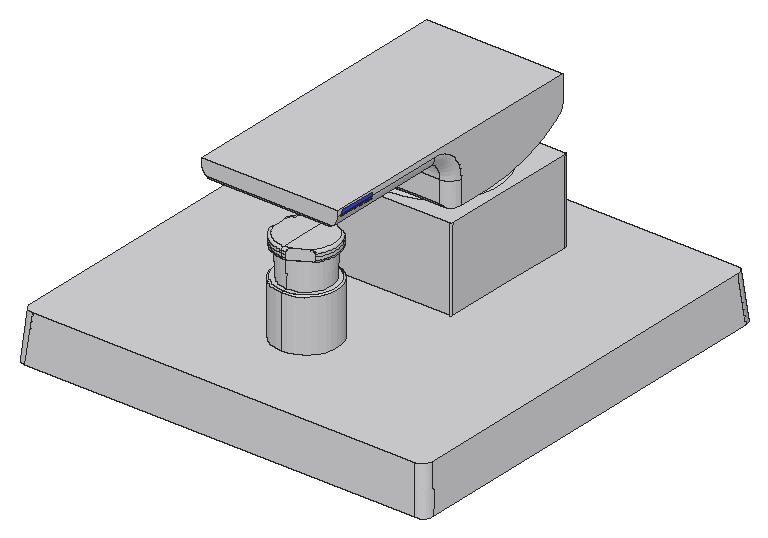
Revit family "Shower-Valve_Trim-KOHLER-STRAYT-K-37335A", category Specialty Equipment, host Face, Revit 2017
Family settings
  Host = Face
  Round Connector Dimension = Use Diameter
  Part Type = Normal
  OmniClass Number = 23.31.25.00
  Cut with Voids When Loaded = No
  Shared = No
  Room Calculation Point = No
Parameters (values of type "CP- Polished Chrome")
  Width = 6 97/256"  # constant formula
  WaterSense Certified = 1 = 0  # no
  URL = "https://www.kohlerasiapacific.com/"
  Type = 1
  Product Page URL = ""
  Product Name = "Strayt"  # constant formula
  Product Documentation Link = ""
  Model = if(Type = 1, "K-37335A-4-CP", "NA")  # "K-37335A-4-CP"
  Material = " Metal Construction"  # constant formula
  Master Format 2014 Name = "Toilet, Bath, and Laundry Accessories"  # constant formula
  Master Format 2014 = "10 28 00"  # constant formula
  Manufacturer Address = "No. 158 Jiang Chang San Road, Zhabei District, Shanghai, China\r\n"  # constant formula
  Manufacturer = "KOHLER Co."  # constant formula
  Length = 3 21/128"  # constant formula
  Height = 6 97/256"  # constant formula
  Finish = Kohler-Metal-CP-Polished_Chrome
  Environmental Product Declaration = ""
  Description = "Recessed Bath Shower Trim"  # constant formula
  Default Elevation = 42"
  Declare Label = ""
  Date Modified = "8/20/2020"  # constant formula
  Date Created = "8/20/2020"  # constant formula
  Copyright = "Copyright KOHLER Co."  # constant formula
  Contact Us = "https://www.kohlerasiapacific.com/contact-us"
  Assembly Code = "C1030200"
  ADA Compliant = 1 = 0  # no
Reference planes (in)
  plane 1 "Center (Front/Back)": y = 0
  plane 2: z = 0
  plane 3 "Center (Left/Right)": x = 0
  plane 4: x = -3.18945
  plane 5: y = 3.18945
  plane 6: y = -3.18945
  plane 7: x = 3.18945
  plane 8: x = -1.05906
  plane 9: x = 1.05906
  plane 10: z = 3.16406
  plane 11: y = -1.51575
  plane 12: z = 2.16128
  plane 13: y = 1.04331
  plane 14: y = 2.14567
  plane 15: y = -2.22441
Dimensions and locks (in)
  "Height": plane 6 to plane 5
  equal spacing: plane 4, plane 3 "Center (Left/Right)", plane 7
  "Width": plane 4 to plane 7
  equal spacing: plane 6, plane 1 "Center (Front/Back)", plane 5
  locked: plane 13 to plane 11 at 2.55906
  locked: plane 13 to plane 15 at 3.26772
  locked: plane 14 to plane 15 at 4.37008
  "Length": level to plane 10
  aligned and locked: plane 2 to host face
  aligned and locked: level to host face
  aligned and locked: plane 3 "Center (Left/Right)" to nested 1
  aligned and locked: plane 1 "Center (Front/Back)" to nested 1
  aligned and locked: plane 4 to nested 1
  aligned and locked: plane 5 to nested 1
  aligned and locked: plane 6 to nested 1
  aligned and locked: plane 7 to nested 1
  aligned and locked: plane 8 to nested 1
  aligned and locked: plane 9 to nested 1
  aligned and locked: plane 10 to nested 1
  aligned and locked: plane 11 to nested 1
  aligned and locked: plane 12 to nested 1
  aligned and locked: plane 13 to nested 1
  aligned and locked: plane 14 to nested 1
  aligned and locked: plane 15 to nested 1
Automatic sketch dimensions
  host sketch curve to host sketch curve = 96"  (x2)
Nested families (in)
  nested 1: "K-37335A" at (-0.00048, 0.00048, -0.00088), type "K-37335A"
Definition of nested family "K-37335A"
  Parameters (values of type "K-37335A")
    Material = none
  Reference planes (in)
    plane 1 "Center (Front/Back)": y = 0
    plane 2: z = 0
    plane 3 "Center (Left/Right)": x = 0
    plane 4: x = -3.18898
    plane 5: y = 3.18898
    plane 6: y = -3.18898
    plane 7: x = 3.18898
    plane 8: y = -1.51575
    plane 9: y = 1.04331
    plane 10: y = -2.22441
    plane 11: y = 2.14567
    plane 12: z = 3.16495
    plane 13: x = -1.05906
    plane 14: x = 1.05906
    plane 15: z = 2.16128
  Forms (in)
    SweptBlend 1, solid, material <- "Material", detail levels medium+fine
      path origin (0, 0, 0) x (0, 1, 0) y (0, 0, 1)
        loop
          line (0, 0) -> (0, 0.75718)
      profile origin (0, 0, 0) x (0, -1, 0) y (1, 0, 0)
        loop
          arc (-3.18898, -3.0315) -> (-3.14285, -3.14285) -> (-3.0315, -3.18898) r 0.15748
          line (-3.0315, -3.18898) -> (3.0315, -3.18898)
          arc (3.0315, -3.18898) -> (3.14285, -3.14285) -> (3.18898, -3.0315) r 0.15748
          line (3.18898, -3.0315) -> (3.18898, 3.0315)
          arc (3.18898, 3.0315) -> (3.14285, 3.14285) -> (3.0315, 3.18898) r 0.15748
          line (3.0315, 3.18898) -> (-3.0315, 3.18898)
          arc (-3.0315, 3.18898) -> (-3.14285, 3.14285) -> (-3.18898, 3.0315) r 0.15748
          line (-3.18898, 3.0315) -> (-3.18898, -3.0315)
      end profile origin (0, 0, 0.75718) x (0, -1, 0) y (1, 0, 0)
        loop
          arc (-2.96559, 3.12099) -> (-3.07551, 3.07545) -> (-3.12105, 2.96553) r 0.15546
          line (-3.12105, 2.96553) -> (-3.12105, -2.96553)
          arc (-3.12105, -2.96553) -> (-3.07551, -3.07545) -> (-2.96559, -3.12099) r 0.15546
          line (-2.96559, -3.12099) -> (2.96559, -3.12099)
          arc (2.96559, -3.12099) -> (3.07551, -3.07545) -> (3.12105, -2.96553) r 0.15546
          line (3.12105, -2.96553) -> (3.12105, 2.96553)
          arc (3.12105, 2.96553) -> (3.07551, 3.07545) -> (2.96559, 3.12099) r 0.15546
          line (2.96559, 3.12099) -> (-2.96559, 3.12099)
    Extrusion 2, void
      sketch origin (0, 0, 0) x (0, 1, 0) y (0, 0, 1)
        loop
          arc (-3.91679, 0.68762) -> (0.21715, 0.74559) -> (4.35093, 0.67716) r 135.22726
          line (4.35093, 0.67716) -> (4.35093, 0.82296) -> (-3.91679, 0.82296) -> (-3.91679, 0.68762)
      from -3.30071 to 3.39973
    Extrusion 3, solid, material <- "Material", detail levels medium+fine
      sketch origin (0, 0, 0) x (1, 0, 0) y (0, 1, 0)
        loop
          arc (-1.06168, 2.17717) -> (-1.08209, 2.16871) -> (-1.09055, 2.14829) r 0.02888
          line (-1.09055, 2.14829) -> (-1.09055, -0.03018)
          arc (-1.09055, -0.03018) -> (-1.08209, -0.0506) -> (-1.06167, -0.05906) r 0.02888
          line (-1.06167, -0.05906) -> (1.05905, -0.05906)
          arc (1.05905, -0.05906) -> (1.08133, -0.04983) -> (1.09055, -0.02756) r 0.0315
          line (1.09055, -0.02756) -> (1.09055, 2.14843)
          arc (1.09055, 2.14843) -> (1.08213, 2.16875) -> (1.06181, 2.17717) r 0.02874
          line (1.06181, 2.17717) -> (-1.06168, 2.17717)
      from 0.55521 to 2.02756
    Revolve 4, solid, material <- "Material", detail levels medium+fine
      sketch origin (0, 0, 0) x (0, 1, 0) y (0, 0, 1)
        loop
          arc (1.85007, 2.12511) -> (1.80047, 2.39341) -> (1.66314, 2.62918) r 0.79569
          line (1.66314, 2.62918) -> (1.04331, 2.62918) -> (1.04331, 1.97471) -> (1.98819, 1.97471) -> (1.98819, 2.02756) -> (1.90936, 2.04868)
          arc (1.90936, 2.04868) -> (1.86685, 2.07692) -> (1.85007, 2.12511) r 0.08
        axis (1.04331, 2.62918) -> (1.04331, 1.97471)
      angle from 0 to 360
    Extrusion 5, solid, material <- "Material", detail levels medium+fine
      sketch origin (0, 0, 0) x (0, 1, 0) y (0, 0, 1)
        loop
          line (2.14235, 2.78444) -> (2.14597, 3.19947) -> (-2.19108, 3.19947)
          arc (-2.19108, 3.19947) -> (-2.21465, 3.18971) -> (-2.22441, 3.16615) r 0.03332
          line (-2.22441, 3.16615) -> (-2.22441, 2.91262)
          arc (-2.22441, 2.91262) -> (-2.21656, 2.89367) -> (-2.19761, 2.88583) r 0.02679
          line (-2.19761, 2.88583) -> (-0.35126, 2.88583)
          arc (-0.35126, 2.88583) -> (-0.11039, 2.78667) -> (-0.00913, 2.54667) r 0.34214
          line (-0.00913, 2.54667) -> (-0.00614, 2.20402)
          arc (-0.00614, 2.20402) -> (0.00201, 2.18471) -> (0.02139, 2.17673) r 0.02753
          line (0.02139, 2.17673) -> (0.72516, 2.17673)
          arc (0.72516, 2.17673) -> (1.09425, 2.20574) -> (1.45428, 2.29205) r 2.36261
          arc (1.45428, 2.29205) -> (1.74849, 2.41004) -> (2.02408, 2.56666) r 2.34336
          arc (2.02408, 2.56666) -> (2.11037, 2.6608) -> (2.14235, 2.78444) r 0.26388
      from -1.05906 to 1.05906
    Sweep 6, void
      path in 3D
        loop
          line (-1.05906, -0.00525, 2.10197) -> (-1.05906, -0.00913, 2.54667)
          arc (-1.05906, -0.00913, 2.54667) -> (-1.05906, -0.11039, 2.78667) -> (-1.05906, -0.35126, 2.88583) r 0.34214
          line (-1.05906, -0.35126, 2.88583) -> (-1.05906, -2.27555, 2.88583)
      profile origin (-1.05906, -1.31341, 2.88583) x (-1, 0, 0) y (0, 0, -1)
        loop
          line (0, -0.18504) -> (0, 0) -> (-0.18504, 0)
          arc (-0.18504, 0) -> (-0.0542, -0.0542) -> (0, -0.18504) r 0.18504
    Sweep 7, void
      path in 3D
        loop
          line (1.05906, -0.00531, 2.10882) -> (1.05906, -0.00913, 2.54667)
          arc (1.05906, -0.00913, 2.54667) -> (1.05906, -0.11039, 2.78667) -> (1.05906, -0.35126, 2.88583) r 0.34214
          line (1.05906, -0.35126, 2.88583) -> (1.05906, -2.27555, 2.88583)
      profile origin (1.05906, -1.31341, 2.88583) x (-1, 0, 0) y (0, 0, -1)
        loop
          arc (0, -0.18504) -> (0.0542, -0.0542) -> (0.18504, 0) r 0.18504
          line (0.18504, 0) -> (0, 0) -> (0, -0.18504)
    Revolve 8, solid, material <- "Material", detail levels medium+fine
      sketch origin (0, 0, 0) x (0, 1, 0) y (0, 0, 1)
        loop
          line (-1.1311, 1.55512) -> (-1.12246, 1.98738)
          arc (-1.12246, 1.98738) -> (-1.11619, 2.0019) -> (-1.10155, 2.00787) r 0.02091
          line (-1.10155, 2.00787) -> (-1.06549, 2.00787)
          arc (-1.06549, 2.00787) -> (-1.05151, 2.01352) -> (-1.04538, 2.0273) r 0.02013
          line (-1.04538, 2.0273) -> (-1.04331, 2.08661) -> (-1.04459, 2.12342)
          arc (-1.04459, 2.12342) -> (-1.05655, 2.15027) -> (-1.0838, 2.16128) r 0.03923
          line (-1.0838, 2.16128) -> (-1.51575, 2.16128) -> (-1.51575, 0.5852) -> (-1.03346, 0.5852) -> (-1.03346, 1.53324) -> (-1.05534, 1.55512) -> (-1.1311, 1.55512)
        axis (-1.51575, 2.16128) -> (-1.51575, 0.5852)
      angle from 0 to 360
    Extrusion 9, void
      sketch origin (0, 0, 0) x (1, 0, 0) y (0, 1, 0)
        loop
          arc (-0.45046, -1.76669) -> (-0.41373, -1.49789) -> (-0.46144, -1.23081) r 0.87161
          line (-0.46144, -1.23081) -> (-0.51114, -1.23081) -> (-0.51114, -1.76669) -> (-0.45046, -1.76669)
        loop
          line (0.02631, -2.01429) -> (0.0499, -2.05515) -> (0.43498, -1.83283) -> (0.41062, -1.79062)
          arc (0.41062, -1.79062) -> (0.20302, -1.87592) -> (0.02631, -2.01429) r 0.82038
        loop
          arc (0.02631, -1.0172) -> (0.20302, -1.15557) -> (0.41062, -1.24087) r 0.82038
          line (0.41062, -1.24087) -> (0.43498, -1.19867) -> (0.0499, -0.97634) -> (0.02631, -1.0172)
      from 1.84563 to 2.30315
    Extrusion 10, solid, detail levels medium+fine
      sketch origin (0, 0, 0) x (0, 1, 0) y (0, 0, 1)
        loop
          line (-2.15945, 3.03169) -> (-1.5689, 3.03169) -> (-1.5689, 3.1184) -> (-2.15945, 3.1184) -> (-2.15945, 3.03169)
      from 1.01172 to 1.05919
    Extrusion 11, solid, detail levels medium+fine
      sketch origin (0, 0, 0) x (0, 1, 0) y (0, 0, -1)
        loop
          line (-2.15945, -3.03169) -> (-2.15945, -3.1184) -> (-1.5689, -3.1184) -> (-1.5689, -3.03169) -> (-2.15945, -3.03169)
      from 1.01172 to 1.05919
    Revolve 12, solid, material <- "Material", detail levels medium+fine
      sketch origin (0, 0, -0.00575) x (0, 1, 0) y (0, 0, 1)
        loop
          line (-0.07266, 2.6279) -> (0.09534, 2.67927) -> (0.04936, 2.84713)
          arc (0.04936, 2.84713) -> (-0.05771, 2.76315) -> (-0.07266, 2.6279) r 0.17563
        axis (-0.07266, 2.6279) -> (0.10023, 2.68076)
      angle from 0 to 360
    Extrusion 13, void
      sketch origin (0, 0, 0) x (1, 0, 0) y (0, 0, 1)
        loop
          arc (-1.10161, 3.14339) -> (0.0007, 3.16495) -> (1.10302, 3.14359) r 28.32435
          line (1.10302, 3.14359) -> (1.10302, 3.50819) -> (-1.10161, 3.50819) -> (-1.10161, 3.14339)
      from -2.48272 to 2.87913
    Extrusion 14, solid, material <- "Material", detail levels coarse
      sketch origin (0, 0, 0) x (1, 0, 0) y (0, 1, 0)
        loop
          line (3.18898, 3.18898) -> (-3.18898, 3.18898) -> (-3.18898, -3.18898) -> (3.18898, -3.18898) -> (3.18898, 3.18898)
      from 0 to 0.74565
    Revolve 15, solid, material <- "Material", detail levels coarse
      sketch origin (0, 0, 0) x (0, 1, 0) y (0, 0, 1)
        loop
          line (-1.51575, 2.16128) -> (-1.99803, 2.16128) -> (-1.99803, 0.62992) -> (-1.51575, 0.62992) -> (-1.51575, 1.55512) -> (-1.51575, 2.16128)
        axis (-1.51575, 0.62992) -> (-1.51575, 2.16128)
      angle from 0 to 360
    Extrusion 16, solid, material <- "Material", detail levels coarse
      sketch origin (0, 0, 0) x (0, 1, 0) y (0, 0, 1)
        loop
          line (2.17717, 2.02756) -> (-0.05906, 2.02756) -> (-0.05906, 0.70075) -> (2.17717, 0.70075) -> (2.17717, 2.02756)
      from -1.09284 to 1.09071
    Extrusion 17, solid, material <- "Material", detail levels coarse
      sketch origin (0, 0, 0) x (0, 1, 0) y (0, 0, 1)
        loop
          line (2.14567, 2.02756) -> (2.14567, 3.16495) -> (-2.22441, 3.16495) -> (-2.22441, 2.88586) -> (-0.01151, 2.88586) -> (-0.01151, 2.02756) -> (2.14567, 2.02756)
      from -1.05906 to 1.05906
  Cuts and joins
    Extrusion 2, Extrusion 9 cuts SweptBlend 1
    Extrusion 9 cuts Extrusion 3
    Extrusion 9 cuts Revolve 4
    Sweep 6, Sweep 7, Extrusion 9, Extrusion 13 cuts Extrusion 5
    Extrusion 9 cuts Revolve 8
    joined: SweptBlend 1, Extrusion 3, Revolve 4, Extrusion 5, Revolve 8, Revolve 12
    joined: Extrusion 14, Revolve 15, Extrusion 16, Extrusion 17
  Lines and regions (in)
    Masking region 1
      outline origin (0, 0, 0) x (1, 0, 0) y (0, 1, 0)
        loop
          line (-3.18898, 3.0315) -> (-3.18898, -3.0315)
          arc (-3.18898, -3.0315) -> (-3.14285, -3.14285) -> (-3.0315, -3.18898) r 0.15748
          line (-3.0315, -3.18898) -> (3.0315, -3.18898)
          arc (3.0315, -3.18898) -> (3.14285, -3.14285) -> (3.18898, -3.0315) r 0.15748
          line (3.18898, -3.0315) -> (3.18898, 3.0315)
          arc (3.18898, 3.0315) -> (3.14285, 3.14285) -> (3.0315, 3.18898) r 0.15748
          line (3.0315, 3.18898) -> (-3.0315, 3.18898)
          arc (-3.0315, 3.18898) -> (-3.14285, 3.14285) -> (-3.18898, 3.0315) r 0.15748
    Masking region 2
      outline origin (0, 0, 0) x (1, 0, 0) y (0, 0, 1)
        loop
          line (1.05906, 2.20822) -> (1.05906, 3.1149)
          arc (1.05906, 3.1149) -> (1.05023, 3.13677) -> (1.0287, 3.14638) r 0.0315
          arc (1.0287, 3.14638) -> (0.51443, 3.16033) -> (0, 3.16495) r 28.32435
          arc (0, 3.16495) -> (-0.51443, 3.16033) -> (-1.0287, 3.14638) r 28.32435
          arc (-1.0287, 3.14638) -> (-1.05023, 3.13677) -> (-1.05906, 3.1149) r 0.0315
          line (-1.05906, 3.1149) -> (-1.05906, 2.20822)
          arc (-1.05906, 2.20822) -> (-1.04983, 2.18595) -> (-1.02756, 2.17673) r 0.0315
          line (-1.02756, 2.17673) -> (-0.80441, 2.17673) -> (-0.80685, 2.12331)
          arc (-0.80685, 2.12331) -> (-0.82472, 2.07602) -> (-0.86708, 2.04841) r 0.08138
          line (-0.86708, 2.04841) -> (-0.94488, 2.02756) -> (-1.05906, 2.02756)
          arc (-1.05906, 2.02756) -> (-1.08133, 2.01833) -> (-1.09055, 1.99606) r 0.0315
          line (-1.09055, 1.99606) -> (-1.09055, 0.74568)
          arc (-1.09055, 0.74568) -> (-2.08855, 0.72685) -> (-3.08662, 0.71168) r 272.63493
          arc (-3.08662, 0.71168) -> (-3.11506, 0.70031) -> (-3.12856, 0.67282) r 0.04269
          line (-3.12856, 0.67282) -> (-3.18898, 0) -> (0, 0) -> (3.18898, 0) -> (3.12856, 0.67282)
          arc (3.12856, 0.67282) -> (3.11506, 0.70031) -> (3.08662, 0.71168) r 0.04269
          arc (3.08662, 0.71168) -> (2.08855, 0.72685) -> (1.09055, 0.74568) r 272.63493
          line (1.09055, 0.74568) -> (1.09055, 1.99606)
          arc (1.09055, 1.99606) -> (1.08133, 2.01833) -> (1.05906, 2.02756) r 0.0315
          line (1.05906, 2.02756) -> (0.94488, 2.02756) -> (0.86708, 2.04841)
          arc (0.86708, 2.04841) -> (0.82472, 2.07602) -> (0.80685, 2.12331) r 0.08138
          line (0.80685, 2.12331) -> (0.80441, 2.17673) -> (1.02756, 2.17673)
          arc (1.02756, 2.17673) -> (1.04983, 2.18595) -> (1.05906, 2.20822) r 0.0315
    Masking region 3
      outline origin (0, 0, 0) x (0, 1, 0) y (0, 0, 1)
        loop
          arc (-3.09026, 0.70932) -> (-3.11625, 0.69871) -> (-3.12856, 0.67348) r 0.03937
          line (-3.12856, 0.67348) -> (-3.18898, 0) -> (3.18898, 0) -> (3.12837, 0.67559)
          arc (3.12837, 0.67559) -> (3.11605, 0.70083) -> (3.09004, 0.71143) r 0.03937
          arc (3.09004, 0.71143) -> (2.63362, 0.72094) -> (2.17717, 0.7289) r 135.22726
          line (2.17717, 0.7289) -> (2.17717, 1.99606)
          arc (2.17717, 1.99606) -> (2.16794, 2.01833) -> (2.14567, 2.02756) r 0.0315
          line (2.14567, 2.02756) -> (1.98819, 2.02756) -> (1.90666, 2.04941)
          arc (1.90666, 2.04941) -> (1.86698, 2.07531) -> (1.85031, 2.11966) r 0.07612
          arc (1.85031, 2.11966) -> (1.83353, 2.27734) -> (1.78638, 2.42873) r 0.81031
          arc (1.78638, 2.42873) -> (1.90725, 2.49421) -> (2.02408, 2.56666) r 2.34336
          arc (2.02408, 2.56666) -> (2.11037, 2.6608) -> (2.14235, 2.78444) r 0.26388
          line (2.14235, 2.78444) -> (2.14539, 3.13318)
          arc (2.14539, 3.13318) -> (2.13627, 3.15562) -> (2.1139, 3.16495) r 0.0315
          line (2.1139, 3.16495) -> (-2.19291, 3.16495)
          arc (-2.19291, 3.16495) -> (-2.21518, 3.15572) -> (-2.22441, 3.13345) r 0.0315
          line (-2.22441, 3.13345) -> (-2.22441, 2.91732)
          arc (-2.22441, 2.91732) -> (-2.21518, 2.89505) -> (-2.19291, 2.88583) r 0.0315
          line (-2.19291, 2.88583) -> (-0.35133, 2.88583)
          arc (-0.35133, 2.88583) -> (-0.19094, 2.84592) -> (-0.06797, 2.73549) r 0.34221
          arc (-0.06797, 2.73549) -> (-0.07349, 2.62422) -> (-0.00901, 2.53337) r 0.17022
          line (-0.00901, 2.53337) -> (-0.00613, 2.2029)
          arc (-0.00613, 2.2029) -> (0.00168, 2.18438) -> (0.02027, 2.17673) r 0.0264
          line (0.02027, 2.17673) -> (0.23876, 2.17673) -> (0.23631, 2.11966)
          arc (0.23631, 2.11966) -> (0.21964, 2.07531) -> (0.17996, 2.04941) r 0.07612
          line (0.17996, 2.04941) -> (0.09843, 2.02756) -> (-0.02756, 2.02756)
          arc (-0.02756, 2.02756) -> (-0.04983, 2.01833) -> (-0.05906, 1.99606) r 0.0315
          line (-0.05906, 1.99606) -> (-0.05906, 0.74565)
          arc (-0.05906, 0.74565) -> (-0.54626, 0.7444) -> (-1.03346, 0.74139) r 135.22726
          line (-1.03346, 0.74139) -> (-1.03346, 1.53324) -> (-1.05534, 1.55512) -> (-1.1311, 1.55512) -> (-1.12246, 1.98738)
          arc (-1.12246, 1.98738) -> (-1.11619, 2.0019) -> (-1.10155, 2.00787) r 0.02091
          line (-1.10155, 2.00787) -> (-1.06549, 2.00787)
          arc (-1.06549, 2.00787) -> (-1.05151, 2.01352) -> (-1.04538, 2.0273) r 0.02013
          line (-1.04538, 2.0273) -> (-1.04331, 2.08661) -> (-1.04459, 2.12342)
          arc (-1.04459, 2.12342) -> (-1.05655, 2.15027) -> (-1.0838, 2.16128) r 0.03923
          line (-1.0838, 2.16128) -> (-1.51575, 2.16128) -> (-1.94769, 2.16128)
          arc (-1.94769, 2.16128) -> (-1.97495, 2.15027) -> (-1.9869, 2.12342) r 0.03923
          line (-1.9869, 2.12342) -> (-1.98819, 2.08661) -> (-1.98612, 2.0273)
          arc (-1.98612, 2.0273) -> (-1.97998, 2.01352) -> (-1.966, 2.00787) r 0.02013
          line (-1.966, 2.00787) -> (-1.92995, 2.00787)
          arc (-1.92995, 2.00787) -> (-1.91531, 2.0019) -> (-1.90904, 1.98738) r 0.02091
          line (-1.90904, 1.98738) -> (-1.90039, 1.55512) -> (-1.97616, 1.55512) -> (-1.99803, 1.53324) -> (-1.99803, 0.73025)
          arc (-1.99803, 0.73025) -> (-2.54417, 0.72089) -> (-3.09026, 0.70932) r 135.22726
    sketch lines
      curve 1: line (-1.05906, -0.35126, 2.88583) -> (-1.05906, -2.27555, 2.88583)
      curve 2: arc (-1.05906, -0.35126, 2.88583) -> (-1.05906, -0.11039, 2.78667) -> (-1.05906, -0.00913, 2.54667) r 0.34214
      curve 3: line (-1.05906, -0.00525, 2.10197) -> (-1.05906, -0.00913, 2.54667)
      curve 4: line (1.05906, -0.35126, 2.88583) -> (1.05906, -2.27555, 2.88583)
      curve 5: arc (1.05906, -0.35126, 2.88583) -> (1.05906, -0.11039, 2.78667) -> (1.05906, -0.00913, 2.54667) r 0.34214
      curve 6: line (1.05906, -0.00531, 2.10882) -> (1.05906, -0.00913, 2.54667)
    symbolic lines, detail levels medium+fine
      curve 7: line (1.09055, -0.02756, 0) -> (1.09055, 2.14843, 0)
      curve 8: arc (1.05906, -0.05906, 0) -> (1.08133, -0.04983, 0) -> (1.09055, -0.02756, 0) r 0.0315
      curve 9: line (1.06181, 2.17717, 0) -> (-1.06168, 2.17717, 0)
      curve 10: arc (1.09055, 2.14843, 0) -> (1.08213, 2.16875, 0) -> (1.06181, 2.17717, 0) r 0.02874
      curve 11: arc (-1.06168, 2.17717, 0) -> (-1.08209, 2.16871, 0) -> (-1.09055, 2.14829, 0) r 0.02888
      curve 12: line (-1.09055, 2.14829, 0) -> (-1.09055, -0.03018, 0)
      curve 13: arc (-1.09055, -0.03018, 0) -> (-1.08114, -0.0515, 0) -> (-1.05906, -0.05894, 0) r 0.02888
      curve 14: line (-1.05906, 2.1063, 0) -> (-1.05906, -2.18504, 0)
      curve 15: line (1.05906, -2.18504, 0) -> (1.05906, 2.1063, 0)
      curve 16: line (-1.01969, -2.22441, 0) -> (1.01969, -2.22441, 0)
      curve 17: line (-1.01969, 2.14567, 0) -> (1.01969, 2.14567, 0)
      curve 18: arc (-1.05906, -2.18504, 0) -> (-1.04752, -2.21288, 0) -> (-1.01969, -2.22441, 0) r 0.03937
      curve 19: arc (1.01969, -2.22441, 0) -> (1.04752, -2.21288, 0) -> (1.05906, -2.18504, 0) r 0.03937
      curve 20: arc (-1.05906, 2.1063, 0) -> (-1.04752, 2.13414, 0) -> (-1.01969, 2.14567, 0) r 0.03937
      curve 21: arc (1.01969, 2.14567, 0) -> (1.04752, 2.13414, 0) -> (1.05906, 2.1063, 0) r 0.03937
      curve 22: line (-2.97174, 3.12522, 0) -> (2.97174, 3.12522, 0)
      curve 23: spline (-3.12504, -2.96977, 0) -> (-3.12413, -2.47489, 0) -> (-3.12338, -1.97997, 0) -> (-3.1228, -1.48503, 0) -> (-3.12238, -0.99007, 0) -> (-3.12212, -0.49509, 0) -> (-3.12202, -0.0001, 0) -> (-3.12209, 0.49488, 0) -> (-3.12231, 0.98986, 0) -> (-3.12271, 1.48483, 0) -> (-3.12326, 1.97978, 0) -> (-3.12398, 2.4747, 0) -> (-3.12486, 2.96959, 0)
      curve 24: spline (-3.12484, 2.96959, 0) -> (-3.12357, 2.9897, 0) -> (-3.1197, 3.00948, 0) -> (-3.11331, 3.0286, 0) -> (-3.1045, 3.04673, 0) -> (-3.09341, 3.06356, 0) -> (-3.08024, 3.07882, 0) -> (-3.0652, 3.09224, 0) -> (-3.04855, 3.10361, 0) -> (-3.03057, 3.11272, 0) -> (-3.01156, 3.11943, 0) -> (-2.99184, 3.12362, 0) -> (-2.97174, 3.12522, 0)
      curve 25: spline (3.12486, 2.96959, 0) -> (3.12398, 2.4747, 0) -> (3.12326, 1.97978, 0) -> (3.12271, 1.48483, 0) -> (3.12231, 0.98986, 0) -> (3.12209, 0.49488, 0) -> (3.12202, -0.0001, 0) -> (3.12212, -0.49509, 0) -> (3.12238, -0.99007, 0) -> (3.1228, -1.48503, 0) -> (3.12338, -1.97997, 0) -> (3.12413, -2.47489, 0) -> (3.12504, -2.96977, 0)
      curve 26: spline (2.97174, 3.12522, 0) -> (2.99184, 3.12362, 0) -> (3.01156, 3.11943, 0) -> (3.03057, 3.11272, 0) -> (3.04855, 3.10361, 0) -> (3.0652, 3.09224, 0) -> (3.08024, 3.07882, 0) -> (3.09341, 3.06356, 0) -> (3.1045, 3.04673, 0) -> (3.11331, 3.0286, 0) -> (3.1197, 3.00948, 0) -> (3.12357, 2.9897, 0) -> (3.12484, 2.96959, 0)
      curve 27: line (2.97196, -3.12542, 0) -> (-2.97196, -3.12542, 0)
      curve 28: spline (3.12502, -2.96977, 0) -> (3.12375, -2.98988, 0) -> (3.11989, -3.00966, 0) -> (3.1135, -3.02878, 0) -> (3.10469, -3.0469, 0) -> (3.09361, -3.06374, 0) -> (3.08044, -3.07899, 0) -> (3.0654, -3.09242, 0) -> (3.04875, -3.10378, 0) -> (3.03078, -3.1129, 0) -> (3.01177, -3.11961, 0) -> (2.99205, -3.12381, 0) -> (2.97196, -3.12542, 0)
      curve 29: spline (-2.97196, -3.12542, 0) -> (-2.99206, -3.12381, 0) -> (-3.01177, -3.11961, 0) -> (-3.03078, -3.1129, 0) -> (-3.04876, -3.10378, 0) -> (-3.0654, -3.09242, 0) -> (-3.08044, -3.07899, 0) -> (-3.09361, -3.06374, 0) -> (-3.10469, -3.0469, 0) -> (-3.1135, -3.02878, 0) -> (-3.11989, -3.00966, 0) -> (-3.12375, -2.98988, 0) -> (-3.12502, -2.96977, 0)
      curve 30: line (-0.67139, 0, 2.29207) -> (0, 0, 2.42874)
      curve 31: spline (-0.80236, 0, 2.20513) -> (-0.7998, 0, 2.2104) -> (-0.79567, 0, 2.21608) -> (-0.78998, 0, 2.22216) -> (-0.78272, 0, 2.22861) -> (-0.77393, 0, 2.23543) -> (-0.76363, 0, 2.2426) -> (-0.75182, 0, 2.25011) -> (-0.73855, 0, 2.25794) -> (-0.72384, 0, 2.26606) -> (-0.70771, 0, 2.27447) -> (-0.69022, 0, 2.28315) -> (-0.67139, 0, 2.29207)
      curve 32: line (0.94488, 0, 2.02756) -> (-0.94488, 0, 2.02756)
      curve 33: line (-0.80236, 0, 2.20513) -> (-0.80486, 0, 2.1654)
      curve 34: line (0.67139, 0, 2.29207) -> (0, 0, 2.42874)
      curve 35: spline (0.80236, 0, 2.20513) -> (0.7998, 0, 2.2104) -> (0.79567, 0, 2.21608) -> (0.78998, 0, 2.22216) -> (0.78272, 0, 2.22861) -> (0.77393, 0, 2.23543) -> (0.76363, 0, 2.2426) -> (0.75182, 0, 2.25011) -> (0.73855, 0, 2.25794) -> (0.72384, 0, 2.26606) -> (0.70771, 0, 2.27447) -> (0.69022, 0, 2.28315) -> (0.67139, 0, 2.29207)
      curve 36: line (0.80236, 0, 2.20513) -> (0.80486, 0, 2.1654)
      curve 37: line (-3.09429, 0, 0.71063) -> (3.09429, 0, 0.71063)
      curve 38: line (-1.06092, 0, 0.7289) -> (1.04399, 0, 0.7289)
      curve 39: arc (1.04399, 0, 0.7289) -> (1.06948, 0, 0.73116) -> (1.09055, 0, 0.74568) r 0.05023
      curve 40: arc (-1.04399, 0, 0.7289) -> (-1.06948, 0, 0.73116) -> (-1.09055, 0, 0.74568) r 0.05023
      curve 41: arc (0, -0.06797, 2.73554) -> (0, -0.02237, 2.63799) -> (0, -0.00935, 2.53109) r 0.34214
      curve 42: arc (0, 1.45428, 2.29205) -> (0, 1.74849, 2.41004) -> (0, 2.02408, 2.56666) r 2.34336
      curve 43: arc (0, 0.72516, 2.17673) -> (0, 1.09425, 2.20574) -> (0, 1.45428, 2.29205) r 2.36261
      curve 44: line (0, 0.23876, 2.17673) -> (0, 0.72516, 2.17673)
      curve 45: line (0, 1.98819, 2.02756) -> (0, 0.09843, 2.02756)
      curve 46: arc (0, -1.99803, 0.73025) -> (0, -1.51576, 0.73668) -> (0, -1.03346, 0.74139) r 135.22726
      curve 47: line (0, -1.05534, 1.55512) -> (0, -1.97616, 1.55512)
      curve 48: line (0, -1.06549, 2.00787) -> (0, -1.11473, 2.00787)
      curve 49: arc (0, -1.81291, 2.00787) -> (0, -1.86484, 2.01208) -> (0, -1.91677, 2.00787) r 0.32254
      curve 50: line (0, -1.91677, 2.00787) -> (0, -1.966, 2.00787)
      curve 51: arc (0, -1.21859, 2.00787) -> (0, -1.16666, 2.01208) -> (0, -1.11473, 2.00787) r 0.32254
      curve 52: line (0, -1.21859, 2.00787) -> (0, -1.81291, 2.00787)
      curve 53: arc (0, -0.05906, 0.74565) -> (0, 1.07806, 0.74176) -> (0, 2.2151, 0.7283) r 135.22726
      curve 54: line (0, -1.5689, 3.03169) -> (0, -2.15945, 3.03169)
      curve 55: line (0, -2.15945, 3.03169) -> (0, -2.15945, 3.1184)
      curve 56: line (0, -2.15945, 3.1184) -> (0, -1.5689, 3.1184)
      curve 57: line (0, -1.5689, 3.1184) -> (0, -1.5689, 3.03169)
      curve 58: spline (0, -1.33111, 2.12706) -> (0, -1.33406, 2.13156) -> (0, -1.33734, 2.13583) -> (0, -1.34092, 2.13983) -> (0, -1.3448, 2.14356) -> (0, -1.34894, 2.14699) -> (0, -1.35332, 2.1501) -> (0, -1.35793, 2.15288) -> (0, -1.36273, 2.15531) -> (0, -1.3677, 2.15737) -> (0, -1.37282, 2.15906) -> (0, -1.37805, 2.16037) -> (0, -1.38336, 2.16128)
      curve 59: spline (0, -1.33228, 2.02636) -> (0, -1.33198, 2.03138) -> (0, -1.33169, 2.0364) -> (0, -1.33139, 2.04142) -> (0, -1.33109, 2.04644) -> (0, -1.3308, 2.05147) -> (0, -1.3305, 2.05649) -> (0, -1.33021, 2.06151) -> (0, -1.32991, 2.06653) -> (0, -1.32962, 2.07155) -> (0, -1.32932, 2.07657) -> (0, -1.32903, 2.08159) -> (0, -1.32873, 2.08661)
      curve 60: spline (0, -1.32873, 2.08661) -> (0, -1.32893, 2.08998) -> (0, -1.32913, 2.09335) -> (0, -1.32933, 2.09672) -> (0, -1.32952, 2.1001) -> (0, -1.32972, 2.10347) -> (0, -1.32992, 2.10684) -> (0, -1.33012, 2.11021) -> (0, -1.33032, 2.11358) -> (0, -1.33051, 2.11695) -> (0, -1.33071, 2.12032) -> (0, -1.33091, 2.12369) -> (0, -1.33111, 2.12706)
      curve 61: spline (0, -1.35806, 2.00787) -> (0, -1.35536, 2.00833) -> (0, -1.3527, 2.00901) -> (0, -1.35011, 2.0099) -> (0, -1.3476, 2.01101) -> (0, -1.34519, 2.01233) -> (0, -1.34289, 2.01384) -> (0, -1.34073, 2.01553) -> (0, -1.3387, 2.0174) -> (0, -1.33683, 2.01943) -> (0, -1.33513, 2.02161) -> (0, -1.33361, 2.02393) -> (0, -1.33228, 2.02636)
      curve 62: spline (0, -1.64847, 2.16128) -> (0, -1.65373, 2.16035) -> (0, -1.6589, 2.15903) -> (0, -1.66396, 2.15732) -> (0, -1.66888, 2.15525) -> (0, -1.67364, 2.15282) -> (0, -1.67821, 2.15003) -> (0, -1.68257, 2.14692) -> (0, -1.68669, 2.14349) -> (0, -1.69056, 2.13977) -> (0, -1.69414, 2.13577) -> (0, -1.69742, 2.13151) -> (0, -1.70039, 2.12702)
      curve 63: spline (0, -1.70039, 2.12702) -> (0, -1.70059, 2.12365) -> (0, -1.70078, 2.12029) -> (0, -1.70098, 2.11692) -> (0, -1.70118, 2.11355) -> (0, -1.70138, 2.11018) -> (0, -1.70158, 2.10682) -> (0, -1.70177, 2.10345) -> (0, -1.70197, 2.10008) -> (0, -1.70217, 2.09671) -> (0, -1.70237, 2.09335) -> (0, -1.70256, 2.08998) -> (0, -1.70276, 2.08661)
      curve 64: spline (0, -1.70276, 2.08661) -> (0, -1.70247, 2.08159) -> (0, -1.70217, 2.07657) -> (0, -1.70188, 2.07155) -> (0, -1.70158, 2.06652) -> (0, -1.70129, 2.0615) -> (0, -1.70099, 2.05648) -> (0, -1.7007, 2.05146) -> (0, -1.7004, 2.04644) -> (0, -1.7001, 2.04142) -> (0, -1.69981, 2.03639) -> (0, -1.69951, 2.03137) -> (0, -1.69921, 2.02635)
      curve 65: spline (0, -1.69921, 2.02635) -> (0, -1.69789, 2.02392) -> (0, -1.69638, 2.0216) -> (0, -1.69469, 2.01942) -> (0, -1.69282, 2.01739) -> (0, -1.6908, 2.01552) -> (0, -1.68863, 2.01383) -> (0, -1.68633, 2.01232) -> (0, -1.68391, 2.01101) -> (0, -1.6814, 2.0099) -> (0, -1.6788, 2.009) -> (0, -1.67614, 2.00833) -> (0, -1.67344, 2.00787)
      curve 66: spline (0, -1.80065, 2.1271) -> (0, -1.80059, 2.12373) -> (0, -1.80053, 2.12036) -> (0, -1.80047, 2.11698) -> (0, -1.80041, 2.11361) -> (0, -1.80036, 2.11023) -> (0, -1.8003, 2.10686) -> (0, -1.80024, 2.10348) -> (0, -1.80018, 2.10011) -> (0, -1.80012, 2.09674) -> (0, -1.80006, 2.09336) -> (0, -1.80001, 2.08999) -> (0, -1.79995, 2.08661)
      curve 67: spline (0, -1.79995, 2.08661) -> (0, -1.80003, 2.08156) -> (0, -1.80012, 2.07652) -> (0, -1.80021, 2.07147) -> (0, -1.8003, 2.06642) -> (0, -1.80038, 2.06137) -> (0, -1.80047, 2.05632) -> (0, -1.80056, 2.05127) -> (0, -1.80065, 2.04623) -> (0, -1.80074, 2.04118) -> (0, -1.80083, 2.03613) -> (0, -1.80092, 2.03108) -> (0, -1.801, 2.02603)
      curve 68: spline (0, -1.81837, 2.16128) -> (0, -1.81656, 2.16036) -> (0, -1.81477, 2.15904) -> (0, -1.81303, 2.15735) -> (0, -1.81134, 2.15528) -> (0, -1.80971, 2.15285) -> (0, -1.80814, 2.15008) -> (0, -1.80666, 2.14697) -> (0, -1.80526, 2.14355) -> (0, -1.80395, 2.13983) -> (0, -1.80274, 2.13584) -> (0, -1.80164, 2.13159) -> (0, -1.80065, 2.1271)
      curve 69: spline (0, -1.801, 2.02603) -> (0, -1.80136, 2.02364) -> (0, -1.80179, 2.02136) -> (0, -1.80228, 2.01922) -> (0, -1.80283, 2.01722) -> (0, -1.80345, 2.01538) -> (0, -1.80412, 2.01372) -> (0, -1.80484, 2.01223) -> (0, -1.8056, 2.01095) -> (0, -1.80641, 2.00986) -> (0, -1.80725, 2.00898) -> (0, -1.80813, 2.00832) -> (0, -1.80903, 2.00787)
      curve 70: spline (0, -1.23155, 2.08661) -> (0, -1.23149, 2.09019) -> (0, -1.23143, 2.09377) -> (0, -1.23136, 2.09735) -> (0, -1.2313, 2.10093) -> (0, -1.23124, 2.10452) -> (0, -1.23118, 2.1081) -> (0, -1.23112, 2.11168) -> (0, -1.23105, 2.11526) -> (0, -1.23099, 2.11884) -> (0, -1.23093, 2.12242) -> (0, -1.23086, 2.126) -> (0, -1.2308, 2.12958)
      curve 71: spline (0, -1.2308, 2.12958) -> (0, -1.23005, 2.13376) -> (0, -1.22917, 2.13772) -> (0, -1.22815, 2.14143) -> (0, -1.22701, 2.14488) -> (0, -1.22575, 2.14805) -> (0, -1.22438, 2.15093) -> (0, -1.2229, 2.1535) -> (0, -1.22132, 2.15574) -> (0, -1.21966, 2.15765) -> (0, -1.21791, 2.15921) -> (0, -1.21608, 2.16043) -> (0, -1.21419, 2.16128)
      curve 72: spline (0, -1.2305, 2.02632) -> (0, -1.23059, 2.03135) -> (0, -1.23067, 2.03637) -> (0, -1.23076, 2.04139) -> (0, -1.23085, 2.04642) -> (0, -1.23094, 2.05144) -> (0, -1.23103, 2.05647) -> (0, -1.23111, 2.06149) -> (0, -1.2312, 2.06652) -> (0, -1.23129, 2.07154) -> (0, -1.23138, 2.07656) -> (0, -1.23146, 2.08159) -> (0, -1.23155, 2.08661)
      curve 73: spline (0, -1.22228, 2.00787) -> (0, -1.22315, 2.00832) -> (0, -1.22401, 2.009) -> (0, -1.22484, 2.00989) -> (0, -1.22564, 2.011) -> (0, -1.22642, 2.01231) -> (0, -1.22715, 2.01381) -> (0, -1.22784, 2.01551) -> (0, -1.22849, 2.01737) -> (0, -1.22908, 2.0194) -> (0, -1.22961, 2.02158) -> (0, -1.23009, 2.02389) -> (0, -1.2305, 2.02632)
      curve 74: line (0, -1.04331, 2.08661) -> (0, -1.98819, 2.08661)
  Dimensions and locks (in)
    plane 5 to plane 6 = 6.37795"
    plane 4 to plane 7 = 6.37795"
    plane 13 to plane 14 = 2.11811"
    locked: plane 9 to plane 8 at 2.55906
    locked: plane 11 to plane 10 at 4.37008
    locked: plane 9 to plane 10 at 3.26772
    plane 12 to level = 3.16495"
    aligned and locked: plane 2 to level
